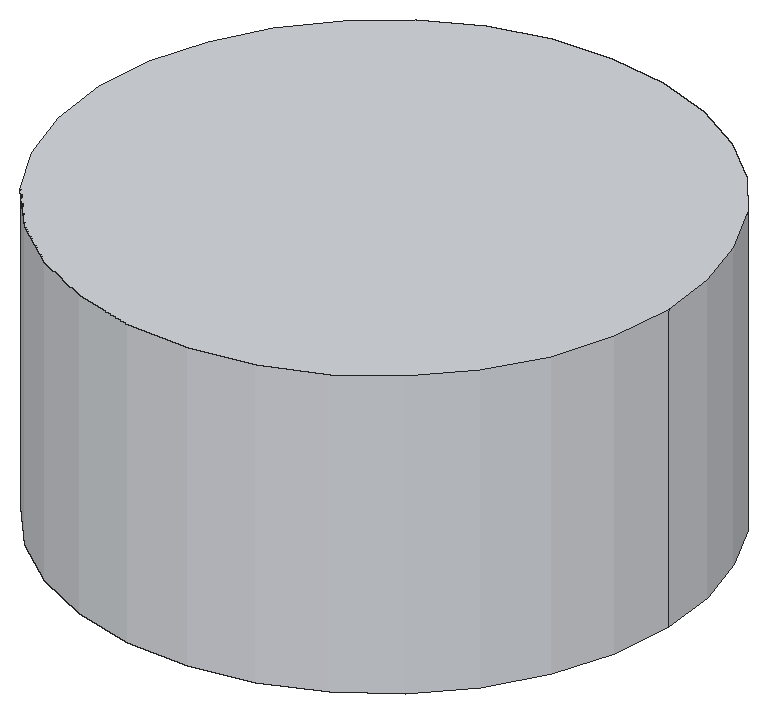
Revit family "10600800", category Specialty Equipment, Revit 2024
Family settings
  Round Connector Dimension = Use Diameter
  Part Type = Normal
  OmniClass Number = 23.40.40.00
  OmniClass Title = Food Service Equipment and Furnishings
  Work Plane-Based = No
  Enable Cutting in Views = Yes
  Always vertical = Yes
  Cut with Voids When Loaded = No
  Maintain Annotation Orientation = No
  Shared = No
  Room Calculation Point = No
Parameters (values of type "Standard")
  URL = "https://www.rustfriebergh.no/produkter/serveringsdisker/serveringsdisk-rbrm-3/serveringsdisk-rbrm"
  SoveliaReference = yes
  Revision Number = "-"
  Part Number = "10600800"
  Model = "10600800"
  Manufacturer = "Rustfriebergh AS"
  Designer = "bjornt"
  Design State = 1
  Description = "Serveringsdisk RBRM-800"
  Default Elevation = 0 mm
  Creation Date = "13.10.2025"
  Author = "bjornt"
  3D-Driven = yes
Reference planes
  plane 1 "Center (Front/Back)": y = 0
  plane 2: z = 0
  plane 3 "Center (Left/Right)": x = 0
Forms (mm)
  Extrusion 1, solid
    sketch origin (69.45, 250, 150) x (1, 0, 0) y (0, 1, 0)
      loop
        circle (0, 0) r 3.048
    from 0 to -3.048
Dimensions and locks
  aligned and locked: level to plane 2
Connectors
  electrical at (69.45, 250, 150)
    settings: on Extrusion 1, index 1, voltage 230 V, apparent load 640 VA, apparent load phase1 0 VA, apparent load phase2 0 VA, apparent load phase3 0 VA, power factor 0, load classification "Other", number of poles 1, system type 30, power factor state 1, is connector primary yes, connector utility no, sub classification motor no, connector description "Strømart"
